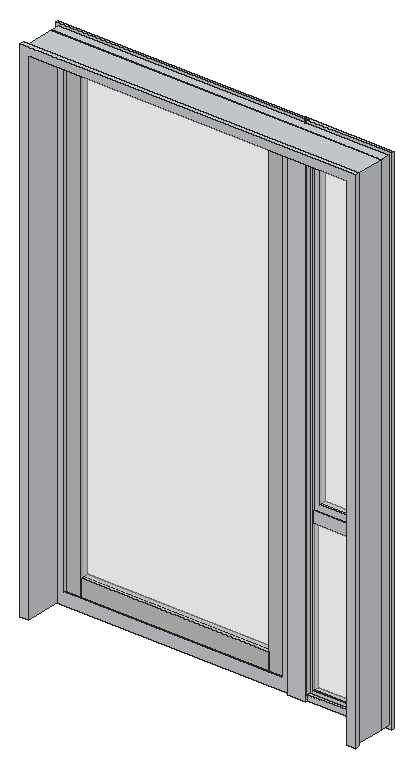
Revit family "APL Residential Thermal Heart Hinged Door with Sidelight", category Doors, host Wall, Revit 2017 (continued)
Definition of nested family "APL Residential Thermal Heart Hinged Door with Sidelight Vertical Section"
  Definition of nested family "Open Out Head&Sill"
    Definition of nested family "65310_Open Out Frame"
      Lines and regions (mm)
        model lines, in view "Ref. Level"
          curve 23: line (28.422, 7.861, 0) -> (29.345, 7.861, 0)
          curve 24: line (30.284, 7.203, 0) -> (31.077, 5.024, 0)
          curve 25: line (31.453, 4.761, 0) -> (37.947, 4.761, 0)
          curve 26: line (38.323, 5.024, 0) -> (39.116, 7.203, 0)
          curve 27: line (40.055, 7.861, 0) -> (40.978, 7.861, 0)
          curve 28: line (41.579, 8.022, 0) -> (43.107, 8.907, 0)
          curve 29: line (43.307, 8.961, 0) -> (43.6, 8.961, 0)
          curve 30: line (44, 8.561, 0) -> (44, 5.161, 0)
          curve 31: line (43.6, 4.761, 0) -> (43.307, 4.761, 0)
          curve 32: line (43.107, 4.815, 0) -> (41.579, 5.699, 0)
          curve 33: line (40.684, 5.664, 0) -> (39.796, 3.224, 0)
          curve 34: line (39.42, 2.961, 0) -> (29.98, 2.961, 0)
          curve 35: line (29.604, 3.224, 0) -> (28.716, 5.664, 0)
          curve 36: line (27.821, 5.699, 0) -> (26.293, 4.815, 0)
          curve 37: line (26.093, 4.761, 0) -> (25.8, 4.761, 0)
          curve 38: line (25.4, 5.161, 0) -> (25.4, 8.561, 0)
          curve 39: arc (50, 52.5, 0) -> (49.854, 52.854, 0) -> (49.5, 53, 0) r 0.5
          curve 40: arc (43.2, 53, 0) -> (43.059, 52.941, 0) -> (43, 52.8, 0) r 0.2
          curve 41: arc (43, 51.6, 0) -> (43.059, 51.459, 0) -> (43.2, 51.4, 0) r 0.2
          curve 42: arc (48.3, 51.4, 0) -> (48.441, 51.341, 0) -> (48.5, 51.2, 0) r 0.2
          curve 43: arc (48.5, 48.1, 0) -> (48.441, 47.959, 0) -> (48.3, 47.9, 0) r 0.2
          curve 44: arc (45, 48.65, 0) -> (44.846, 48.881, 0) -> (44.573, 48.827, 0) r 0.25
          curve 45: arc (43, 44.6, 0) -> (43.059, 44.459, 0) -> (43.2, 44.4, 0) r 0.2
          curve 46: arc (43.2, 44.4, 0) -> (43.766, 44.634, 0) -> (44, 45.2, 0) r 0.8
          curve 47: arc (46.4, 46, 0) -> (46.8, 45.6, 0) -> (47.2, 46, 0) r 0.4
          curve 48: arc (46.2, 33.5, 0) -> (46.054, 33.854, 0) -> (45.7, 34, 0) r 0.5
          curve 49: arc (44, 34, 0) -> (43.293, 33.707, 0) -> (43, 33, 0) r 1
          curve 50: arc (43, 32.9, 0) -> (43.088, 32.688, 0) -> (43.3, 32.6, 0) r 0.3
          curve 51: arc (44.858, 32.6, 0) -> (45.363, 31.878, 0) -> (46.2, 31.6, 0) r 1.4
          curve 52: arc (47.9, 31.6, 0) -> (48.041, 31.541, 0) -> (48.1, 31.4, 0) r 0.2
          curve 53: arc (48.1, 26.5, 0) -> (47.807, 25.793, 0) -> (47.1, 25.5, 0) r 1
          curve 54: arc (43.083, 25.5, 0) -> (42.778, 25.301, 0) -> (42.505, 25.543, 0) r 0.3
          curve 55: arc (42.505, 25.543, 0) -> (42.439, 25.681, 0) -> (42.313, 25.768, 0) r 0.3
          curve 56: arc (40.903, 26.282, 0) -> (40.617, 26.238, 0) -> (40.501, 25.974, 0) r 0.3
          curve 57: arc (40.708, 23.608, 0) -> (40.735, 23.508, 0) -> (40.795, 23.422, 0) r 0.3
          curve 58: arc (41.159, 23.059, 0) -> (41.352, 23.007, 0) -> (41.493, 23.148, 0) r 0.2
          curve 59: arc (41.538, 23.316, 0) -> (41.59, 23.405, 0) -> (41.679, 23.457, 0) r 0.2
          curve 60: arc (43.9, 24, 0) -> (44.18, 23.807, 0) -> (44.1, 23.476, 0) r 0.3
          curve 61: arc (44.1, 23.476, 0) -> (44.026, 23.375, 0) -> (44, 23.253, 0) r 0.3
          curve 62: arc (44.194, 19.25, 0) -> (44.158, 19.078, 0) -> (44, 19, 0) r 0.2
          curve 63: arc (43.479, 19, 0) -> (43.398, 19.011, 0) -> (43.323, 19.044, 0) r 0.3
          curve 64: arc (42.069, 19.809, 0) -> (42.072, 19.979, 0) -> (41.966, 20.111, 0) r 0.25
          curve 65: arc (41.88, 20.163, 0) -> (41.65, 20.179, 0) -> (41.505, 20, 0) r 0.25
          curve 66: arc (41.255, 20, 0) -> (41.114, 19.941, 0) -> (41.055, 19.8, 0) r 0.2
          curve 67: arc (41.055, 18.984, 0) -> (41.102, 18.772, 0) -> (41.235, 18.6, 0) r 0.5
          curve 68: arc (43.92, 16.362, 0) -> (44.053, 16.19, 0) -> (44.1, 15.978, 0) r 0.5
          curve 69: arc (44.1, 12.522, 0) -> (44.053, 12.31, 0) -> (43.92, 12.138, 0) r 0.5
          curve 70: arc (41.235, 9.9, 0) -> (41.102, 9.728, 0) -> (41.055, 9.516, 0) r 0.5
          curve 71: arc (41.055, 8.7, 0) -> (41.114, 8.559, 0) -> (41.255, 8.5, 0) r 0.2
          curve 72: arc (41.505, 8.5, 0) -> (41.65, 8.321, 0) -> (41.88, 8.337, 0) r 0.25
          curve 73: arc (41.966, 8.389, 0) -> (42.072, 8.521, 0) -> (42.069, 8.691, 0) r 0.25
          curve 74: arc (43.322, 9.456, 0) -> (43.398, 9.489, 0) -> (43.479, 9.5, 0) r 0.3
          curve 75: arc (44, 9.5, 0) -> (44.158, 9.422, 0) -> (44.194, 9.25, 0) r 0.2
          curve 76: arc (44, 5.247, 0) -> (44.026, 5.125, 0) -> (44.1, 5.024, 0) r 0.3
          curve 77: arc (44.1, 5.024, 0) -> (44.18, 4.693, 0) -> (43.9, 4.5, 0) r 0.3
          curve 78: arc (41.679, 5.043, 0) -> (41.59, 5.095, 0) -> (41.538, 5.184, 0) r 0.2
          curve 79: arc (41.493, 5.352, 0) -> (41.352, 5.493, 0) -> (41.159, 5.441, 0) r 0.2
          curve 80: arc (40.795, 5.078, 0) -> (40.735, 4.992, 0) -> (40.708, 4.892, 0) r 0.3
          curve 81: arc (40.501, 2.526, 0) -> (40.617, 2.262, 0) -> (40.903, 2.218, 0) r 0.3
          curve 82: arc (42.313, 2.732, 0) -> (42.439, 2.819, 0) -> (42.505, 2.957, 0) r 0.3
          curve 83: arc (42.505, 2.957, 0) -> (42.778, 3.199, 0) -> (43.083, 3, 0) r 0.3
          curve 84: arc (44.4, 3, 0) -> (44.541, 2.941, 0) -> (44.6, 2.8, 0) r 0.2
          curve 85: arc (44.6, 1.3, 0) -> (44.981, 0.381, 0) -> (45.9, 0, 0) r 1.3
          curve 86: arc (55.35, 0, 0) -> (56, 0.65, 0) -> (55.35, 1.3, 0) r 0.65
          curve 87: arc (46, 23.1, 0) -> (46.146, 23.454, 0) -> (46.5, 23.6, 0) r 0.5
          curve 88: arc (48.1, 23.6, 0) -> (48.454, 23.454, 0) -> (48.6, 23.1, 0) r 0.5
          curve 89: arc (48.6, 21.2, 0) -> (48.746, 20.846, 0) -> (49.1, 20.7, 0) r 0.5
          curve 90: arc (49.5, 20.7, 0) -> (49.854, 20.846, 0) -> (50, 21.2, 0) r 0.5
          curve 91: line (49.5, 53, 0) -> (43.2, 53, 0)
          curve 92: line (43, 52.8, 0) -> (43, 51.6, 0)
          curve 93: line (43.2, 51.4, 0) -> (48.3, 51.4, 0)
          curve 94: line (48.5, 51.2, 0) -> (48.5, 48.1, 0)
          curve 95: line (48.3, 47.9, 0) -> (45, 47.9, 0)
          curve 96: line (45, 47.9, 0) -> (45, 48.65, 0)
          curve 97: line (44.573, 48.827, 0) -> (43.059, 47.312, 0)
          curve 98: line (43.059, 47.312, 0) -> (43, 44.6, 0)
          curve 99: line (44, 45.2, 0) -> (44, 46.5, 0)
          curve 100: line (44, 46.5, 0) -> (46.4, 46.5, 0)
          curve 101: line (46.4, 46.5, 0) -> (46.4, 46, 0)
          curve 102: line (47.2, 46, 0) -> (47.2, 46.5, 0)
          curve 103: line (47.2, 46.5, 0) -> (48.5, 46.5, 0)
          curve 104: line (48.5, 46.5, 0) -> (48.5, 33, 0)
          curve 105: line (48.5, 33, 0) -> (46.2, 33, 0)
          curve 106: line (46.2, 33, 0) -> (46.2, 33.5, 0)
          curve 107: line (45.7, 34, 0) -> (44, 34, 0)
          curve 108: line (43.3, 32.6, 0) -> (44.858, 32.6, 0)
          curve 109: line (46.2, 31.6, 0) -> (47.9, 31.6, 0)
          curve 110: line (48.1, 31.4, 0) -> (48.1, 26.5, 0)
          curve 111: line (47.1, 25.5, 0) -> (43.083, 25.5, 0)
          curve 112: line (42.313, 25.768, 0) -> (40.903, 26.282, 0)
          curve 113: line (40.501, 25.974, 0) -> (40.708, 23.608, 0)
          curve 114: line (40.795, 23.422, 0) -> (41.159, 23.059, 0)
          curve 115: line (41.493, 23.148, 0) -> (41.538, 23.316, 0)
          curve 116: line (41.538, 23.316, 0) -> (43.668, 23.99, 0)
          curve 117: line (43.668, 23.99, 0) -> (43.9, 24, 0)
          curve 118: line (44, 23.253, 0) -> (44, 20.025, 0)
          curve 119: line (44, 20.025, 0) -> (44.194, 19.25, 0)
          curve 120: line (44, 19, 0) -> (43.479, 19, 0)
          curve 121: line (43.479, 19, 0) -> (42.069, 19.809, 0)
          curve 122: line (41.505, 20, 0) -> (41.255, 20, 0)
          curve 123: line (41.055, 19.8, 0) -> (41.055, 18.984, 0)
          curve 124: line (41.235, 18.6, 0) -> (43.92, 16.362, 0)
          curve 125: line (44.1, 15.978, 0) -> (44.1, 12.522, 0)
          curve 126: line (43.92, 12.138, 0) -> (41.235, 9.9, 0)
          curve 127: line (41.055, 9.516, 0) -> (41.055, 8.7, 0)
          curve 128: line (41.255, 8.5, 0) -> (41.505, 8.5, 0)
          curve 129: line (42.069, 8.691, 0) -> (43.322, 9.456, 0)
          curve 130: line (43.322, 9.456, 0) -> (44, 9.5, 0)
          curve 131: line (44.194, 9.25, 0) -> (44.006, 8.525, 0)
          curve 132: line (44.006, 8.525, 0) -> (44, 5.247, 0)
          curve 133: line (43.746, 4.5, 0) -> (41.679, 5.043, 0)
          curve 134: line (41.679, 5.043, 0) -> (41.493, 5.352, 0)
          curve 135: line (41.159, 5.441, 0) -> (40.795, 5.078, 0)
          curve 136: line (40.708, 4.892, 0) -> (40.501, 2.526, 0)
          curve 137: line (40.903, 2.218, 0) -> (42.313, 2.732, 0)
          curve 138: line (43.083, 3, 0) -> (44.4, 3, 0)
          curve 139: line (44.6, 2.8, 0) -> (44.6, 1.3, 0)
          curve 140: line (45.9, 0, 0) -> (47.7, 0, 0)
          curve 141: line (47.7, 0, 0) -> (48, 0.3, 0)
          curve 142: line (48, 0.3, 0) -> (53.25, 0.3, 0)
          curve 143: line (53.25, 0.3, 0) -> (53.55, 0, 0)
          curve 144: line (53.55, 0, 0) -> (55.35, 0, 0)
          curve 145: line (55.35, 1.3, 0) -> (46, 1.3, 0)
          curve 146: line (46, 1.3, 0) -> (46, 23.1, 0)
          curve 147: line (46.5, 23.6, 0) -> (48.1, 23.6, 0)
          curve 148: line (48.6, 23.1, 0) -> (48.6, 21.2, 0)
          curve 149: line (49.1, 20.7, 0) -> (49.5, 20.7, 0)
          curve 150: line (50, 21.2, 0) -> (50, 52.5, 0)
          curve 151: arc (-4.1, 23.1, 0) -> (-4.241, 23.159, 0) -> (-4.3, 23.3, 0) r 0.2
          curve 152: arc (-4.3, 23.9, 0) -> (-4.359, 24.041, 0) -> (-4.5, 24.1, 0) r 0.2
          curve 153: arc (-4.875, 24.1, 0) -> (-5.496, 24.182, 0) -> (-6.075, 24.422, 0) r 2.4
          curve 154: arc (-13.9, 27.9, 0) -> (-14.041, 27.841, 0) -> (-14.1, 27.7, 0) r 0.2
          curve 155: arc (-14.1, -0.131, 0) -> (-13.951, -0.808, 0) -> (-13.528, -1.359, 0) r 1.6
          curve 156: arc (-7.044, -6.8, 0) -> (-6.701, -6.916, 0) -> (-6.369, -6.77, 0) r 0.5
          curve 157: arc (-1.693, -2.094, 0) -> (-1.476, -1.769, 0) -> (-1.4, -1.386, 0) r 1
          curve 158: arc (-1.4, 3.2, 0) -> (-0.844, 4.544, 0) -> (0.5, 5.1, 0) r 1.9
          curve 159: arc (23.3, 5.1, 0) -> (23.441, 5.159, 0) -> (23.5, 5.3, 0) r 0.2
          curve 160: arc (23.5, 16.1, 0) -> (23.441, 16.241, 0) -> (23.3, 16.3, 0) r 0.2
          curve 161: arc (18.3, 16.3, 0) -> (18.159, 16.359, 0) -> (18.1, 16.5, 0) r 0.2
          curve 162: arc (18.1, 17.7, 0) -> (18.159, 17.841, 0) -> (18.3, 17.9, 0) r 0.2
          curve 163: arc (23.3, 17.9, 0) -> (23.441, 17.959, 0) -> (23.5, 18.1, 0) r 0.2
          curve 164: arc (23.5, 23.9, 0) -> (23.441, 24.041, 0) -> (23.3, 24.1, 0) r 0.2
          curve 165: arc (16.301, 24.1, 0) -> (16.159, 24.042, 0) -> (16.1, 23.9, 0) r 0.2
          curve 166: arc (16.1, 23.3, 0) -> (16.041, 23.159, 0) -> (15.9, 23.1, 0) r 0.2
          curve 167: arc (11.3, 23.1, 0) -> (11.159, 23.159, 0) -> (11.1, 23.3, 0) r 0.2
          curve 168: arc (11.1, 23.9, 0) -> (11.041, 24.041, 0) -> (10.9, 24.1, 0) r 0.2
          curve 169: arc (2.7, 24.1, 0) -> (2.559, 24.041, 0) -> (2.5, 23.9, 0) r 0.2
          curve 170: arc (2.5, 16.5, 0) -> (2.441, 16.359, 0) -> (2.3, 16.3, 0) r 0.2
          curve 171: arc (1.3, 16.3, 0) -> (1.159, 16.359, 0) -> (1.1, 16.5, 0) r 0.2
          curve 172: arc (1.1, 22.9, 0) -> (1.041, 23.041, 0) -> (0.9, 23.1, 0) r 0.2
          curve 173: arc (26.317, 25.5, 0) -> (26.622, 25.301, 0) -> (26.895, 25.543, 0) r 0.3
          curve 174: arc (26.895, 25.543, 0) -> (26.961, 25.681, 0) -> (27.087, 25.768, 0) r 0.3
          curve 175: arc (28.497, 26.282, 0) -> (28.783, 26.238, 0) -> (28.899, 25.974, 0) r 0.3
          curve 176: arc (28.692, 23.608, 0) -> (28.665, 23.508, 0) -> (28.605, 23.422, 0) r 0.3
          curve 177: arc (28.241, 23.059, 0) -> (28.048, 23.007, 0) -> (27.907, 23.148, 0) r 0.2
          curve 178: arc (27.862, 23.316, 0) -> (27.81, 23.405, 0) -> (27.721, 23.457, 0) r 0.2
          curve 179: arc (25.5, 24, 0) -> (25.22, 23.807, 0) -> (25.3, 23.476, 0) r 0.3
          curve 180: arc (25.3, 23.476, 0) -> (25.374, 23.375, 0) -> (25.4, 23.253, 0) r 0.3
          curve 181: arc (25.206, 19.25, 0) -> (25.242, 19.078, 0) -> (25.4, 19, 0) r 0.2
          curve 182: arc (25.921, 19, 0) -> (26.002, 19.011, 0) -> (26.077, 19.044, 0) r 0.3
          curve 183: arc (27.331, 19.809, 0) -> (27.328, 19.979, 0) -> (27.434, 20.111, 0) r 0.25
          curve 184: arc (27.52, 20.163, 0) -> (27.75, 20.179, 0) -> (27.895, 20, 0) r 0.25
          curve 185: arc (28.145, 20, 0) -> (28.286, 19.941, 0) -> (28.345, 19.8, 0) r 0.2
          curve 186: arc (28.345, 18.984, 0) -> (28.298, 18.772, 0) -> (28.165, 18.6, 0) r 0.5
          curve 187: arc (25.58, 16.446, 0) -> (25.447, 16.274, 0) -> (25.4, 16.062, 0) r 0.5
          curve 188: arc (25.4, 12.438, 0) -> (25.447, 12.226, 0) -> (25.58, 12.054, 0) r 0.5
          curve 189: arc (28.165, 9.9, 0) -> (28.298, 9.728, 0) -> (28.345, 9.516, 0) r 0.5
          curve 190: arc (28.345, 8.7, 0) -> (28.286, 8.559, 0) -> (28.145, 8.5, 0) r 0.2
          curve 191: arc (27.895, 8.5, 0) -> (27.75, 8.321, 0) -> (27.52, 8.337, 0) r 0.25
          curve 192: arc (27.434, 8.389, 0) -> (27.328, 8.521, 0) -> (27.331, 8.691, 0) r 0.25
          curve 193: arc (26.078, 9.456, 0) -> (26.002, 9.489, 0) -> (25.921, 9.5, 0) r 0.3
          curve 194: arc (25.4, 9.5, 0) -> (25.242, 9.422, 0) -> (25.206, 9.25, 0) r 0.2
          curve 195: arc (25.4, 5.247, 0) -> (25.374, 5.125, 0) -> (25.3, 5.024, 0) r 0.3
          curve 196: arc (25.3, 5.024, 0) -> (25.22, 4.693, 0) -> (25.5, 4.5, 0) r 0.3
          curve 197: arc (27.721, 5.043, 0) -> (27.81, 5.095, 0) -> (27.862, 5.184, 0) r 0.2
          curve 198: arc (27.907, 5.352, 0) -> (28.048, 5.493, 0) -> (28.241, 5.441, 0) r 0.2
          curve 199: arc (28.605, 5.078, 0) -> (28.665, 4.992, 0) -> (28.692, 4.892, 0) r 0.3
          curve 200: arc (28.899, 2.526, 0) -> (28.783, 2.262, 0) -> (28.497, 2.218, 0) r 0.3
          curve 201: arc (27.087, 2.732, 0) -> (26.961, 2.819, 0) -> (26.895, 2.957, 0) r 0.3
          curve 202: arc (26.895, 2.957, 0) -> (26.622, 3.199, 0) -> (26.317, 3, 0) r 0.3
          curve 203: arc (24, 3, 0) -> (23.704, 3.097, 0) -> (23.523, 3.35, 0) r 0.5
          curve 204: arc (23.523, 3.35, 0) -> (23.342, 3.603, 0) -> (23.046, 3.7, 0) r 0.5
          curve 205: arc (0.5, 3.7, 0) -> (0.146, 3.554, 0) -> (0, 3.2, 0) r 0.5
          curve 206: arc (0, -1.801, 0) -> (-0.107, -2.336, 0) -> (-0.41, -2.791, 0) r 1.4
          curve 207: arc (-5.407, -7.787, 0) -> (-5.624, -8.112, 0) -> (-5.7, -8.495, 0) r 1
          curve 208: arc (-5.7, -14.159, 0) -> (-5.623, -14.316, 0) -> (-5.452, -14.353, 0) r 0.2
          curve 209: arc (-5.452, -14.353, 0) -> (-4.643, -14.677, 0) -> (-4.687, -15.548, 0) r 0.75
          curve 210: arc (-4.687, -15.548, 0) -> (-5.025, -16.505, 0) -> (-4.687, -17.462, 0) r 1.525
          curve 211: arc (-4.687, -17.462, 0) -> (-4.594, -17.613, 0) -> (-4.539, -17.781, 0) r 0.75
          curve 212: arc (-4.539, -17.781, 0) -> (-4.442, -17.992, 0) -> (-4.26, -18.136, 0) r 0.5
          curve 213: arc (-4.26, -18.136, 0) -> (-3.5, -18.305, 0) -> (-2.74, -18.137, 0) r 1.8
          curve 214: arc (-2.74, -18.137, 0) -> (-2.558, -17.992, 0) -> (-2.461, -17.78, 0) r 0.5
          curve 215: arc (-2.461, -17.78, 0) -> (-2.406, -17.612, 0) -> (-2.312, -17.461, 0) r 0.737
          curve 216: arc (-2.312, -17.461, 0) -> (-1.975, -16.505, 0) -> (-2.312, -15.549, 0) r 1.525
          curve 217: arc (-2.312, -15.549, 0) -> (-2.2, -14.512, 0) -> (-1.163, -14.624, 0) r 0.737
          curve 218: arc (-1.163, -14.624, 0) -> (-0.507, -16.296, 0) -> (-0.924, -18.044, 0) r 3
          curve 219: arc (-0.924, -18.044, 0) -> (-0.93, -18.547, 0) -> (-0.495, -18.8, 0) r 0.5
          curve 220: arc (-0.2, -18.8, 0) -> (-0.059, -18.859, 0) -> (0, -19, 0) r 0.2
          curve 221: arc (0, -19.8, 0) -> (-0.059, -19.941, 0) -> (-0.2, -20, 0) r 0.2
          curve 222: arc (-6, -20, 0) -> (-6.707, -19.707, 0) -> (-7, -19, 0) r 1
          curve 223: arc (-7, -10.063, 0) -> (-7.281, -8.795, 0) -> (-8.072, -7.765, 0) r 3
          curve 224: arc (-14.428, -2.431, 0) -> (-15.219, -1.401, 0) -> (-15.5, -0.133, 0) r 3
          curve 225: arc (-15.5, 33, 0) -> (-15.207, 33.707, 0) -> (-14.5, 34, 0) r 1
          curve 226: arc (-12.1, 34, 0) -> (-11.393, 33.707, 0) -> (-11.1, 33, 0) r 1
          curve 227: arc (-11.1, 32.9, 0) -> (-11.188, 32.688, 0) -> (-11.4, 32.6, 0) r 0.3
          curve 228: arc (-12.1, 29.3, 0) -> (-11.738, 29.252, 0) -> (-11.4, 29.112, 0) r 1.4
          curve 229: arc (-5.375, 25.634, 0) -> (-5.134, 25.534, 0) -> (-4.875, 25.5, 0) r 1
          curve 230: line (0.9, 23.1, 0) -> (-4.1, 23.1, 0)
          curve 231: line (-4.3, 23.3, 0) -> (-4.3, 23.9, 0)
          curve 232: line (-4.5, 24.1, 0) -> (-4.875, 24.1, 0)
          curve 233: line (-6.075, 24.422, 0) -> (-12.054, 27.873, 0)
          curve 234: line (-12.054, 27.873, 0) -> (-13.9, 27.9, 0)
          curve 235: line (-14.1, 27.7, 0) -> (-14.1, -0.131, 0)
          curve 236: line (-13.528, -1.359, 0) -> (-7.044, -6.8, 0)
          curve 237: line (-6.369, -6.77, 0) -> (-1.693, -2.094, 0)
          curve 238: line (-1.4, -1.386, 0) -> (-1.4, 3.2, 0)
          curve 239: line (0.5, 5.1, 0) -> (23.3, 5.1, 0)
          curve 240: line (23.5, 5.3, 0) -> (23.5, 16.1, 0)
          curve 241: line (23.3, 16.3, 0) -> (18.3, 16.3, 0)
          curve 242: line (18.1, 16.5, 0) -> (18.1, 17.7, 0)
          curve 243: line (18.3, 17.9, 0) -> (23.3, 17.9, 0)
          curve 244: line (23.5, 18.1, 0) -> (23.5, 23.9, 0)
          curve 245: line (23.3, 24.1, 0) -> (16.301, 24.1, 0)
          curve 246: line (16.1, 23.9, 0) -> (16.1, 23.3, 0)
          curve 247: line (15.9, 23.1, 0) -> (11.3, 23.1, 0)
          curve 248: line (11.1, 23.3, 0) -> (11.1, 23.9, 0)
          curve 249: line (10.9, 24.1, 0) -> (2.7, 24.1, 0)
          curve 250: line (2.5, 23.9, 0) -> (2.5, 16.5, 0)
          curve 251: line (2.3, 16.3, 0) -> (1.3, 16.3, 0)
          curve 252: line (1.1, 16.5, 0) -> (1.1, 22.9, 0)
          curve 253: line (27.087, 25.768, 0) -> (28.497, 26.282, 0)
          curve 254: line (28.899, 25.974, 0) -> (28.692, 23.608, 0)
          curve 255: line (28.605, 23.422, 0) -> (28.241, 23.059, 0)
          curve 256: line (27.907, 23.148, 0) -> (27.862, 23.316, 0)
          curve 257: line (27.862, 23.316, 0) -> (25.732, 23.99, 0)
          curve 258: line (25.732, 23.99, 0) -> (25.5, 24, 0)
          curve 259: line (25.4, 23.253, 0) -> (25.4, 20.025, 0)
          curve 260: line (25.4, 20.025, 0) -> (25.206, 19.25, 0)
          curve 261: line (25.4, 19, 0) -> (25.921, 19, 0)
          curve 262: line (25.921, 19, 0) -> (27.331, 19.809, 0)
          curve 263: line (27.895, 20, 0) -> (28.145, 20, 0)
          curve 264: line (28.345, 19.8, 0) -> (28.345, 18.984, 0)
          curve 265: line (28.165, 18.6, 0) -> (25.58, 16.446, 0)
          curve 266: line (25.4, 16.062, 0) -> (25.4, 12.438, 0)
          curve 267: line (25.58, 12.054, 0) -> (28.165, 9.9, 0)
          curve 268: line (28.345, 9.516, 0) -> (28.345, 8.7, 0)
          curve 269: line (28.145, 8.5, 0) -> (27.895, 8.5, 0)
          curve 270: line (27.331, 8.691, 0) -> (26.078, 9.456, 0)
          curve 271: line (26.078, 9.456, 0) -> (25.4, 9.5, 0)
          curve 272: line (25.206, 9.25, 0) -> (25.394, 8.525, 0)
          curve 273: line (25.394, 8.525, 0) -> (25.4, 5.247, 0)
          curve 274: line (25.654, 4.5, 0) -> (27.721, 5.043, 0)
          curve 275: line (27.721, 5.043, 0) -> (27.907, 5.352, 0)
          curve 276: line (28.241, 5.441, 0) -> (28.605, 5.078, 0)
          curve 277: line (28.692, 4.892, 0) -> (28.899, 2.526, 0)
          curve 278: line (28.497, 2.218, 0) -> (27.087, 2.732, 0)
          curve 279: line (26.317, 3, 0) -> (24, 3, 0)
          curve 280: line (23.046, 3.7, 0) -> (17.783, 3.7, 0)
          curve 281: line (17.783, 3.7, 0) -> (17.559, 3.559, 0)
          curve 282: line (17.559, 3.559, 0) -> (12.4, 3.5, 0)
          curve 283: line (12.4, 3.5, 0) -> (12, 3.9, 0)
          curve 284: line (12, 3.9, 0) -> (11.6, 3.5, 0)
          curve 285: line (11.6, 3.5, 0) -> (6.583, 3.5, 0)
          curve 286: line (6.583, 3.5, 0) -> (6.359, 3.641, 0)
          curve 287: line (6.359, 3.641, 0) -> (0.5, 3.7, 0)
          curve 288: line (0, 3.2, 0) -> (0, -1.801, 0)
          curve 289: line (-0.41, -2.791, 0) -> (-5.407, -7.787, 0)
          curve 290: line (-5.7, -8.495, 0) -> (-5.7, -14.159, 0)
          curve 291: line (-0.495, -18.8, 0) -> (-0.2, -18.8, 0)
          curve 292: line (0, -19, 0) -> (0, -19.8, 0)
          curve 293: line (-0.2, -20, 0) -> (-6, -20, 0)
          curve 294: line (-7, -19, 0) -> (-7, -10.063, 0)
          curve 295: line (-8.072, -7.765, 0) -> (-14.428, -2.431, 0)
          curve 296: line (-15.5, -0.133, 0) -> (-15.5, 33, 0)
          curve 297: line (-14.5, 34, 0) -> (-12.1, 34, 0)
          curve 298: line (-11.4, 32.6, 0) -> (-14.1, 32.6, 0)
          curve 299: line (-14.1, 32.6, 0) -> (-14.1, 29.3, 0)
          curve 300: line (-14.1, 29.3, 0) -> (-12.1, 29.3, 0)
          curve 301: line (-11.4, 29.112, 0) -> (-5.375, 25.634, 0)
          curve 302: line (-4.875, 25.5, 0) -> (-2, 25.5, 0)
          curve 303: line (-2, 25.5, 0) -> (-1.6, 25.1, 0)
          curve 304: line (-1.6, 25.1, 0) -> (-1.2, 25.5, 0)
          curve 305: line (-1.2, 25.5, 0) -> (4.1, 25.5, 0)
          curve 306: line (4.1, 25.5, 0) -> (4.5, 25.1, 0)
          curve 307: line (4.5, 25.1, 0) -> (4.9, 25.5, 0)
          curve 308: line (4.9, 25.5, 0) -> (26.317, 25.5, 0)
          curve 309: arc (25.4, 19.939, 0) -> (25.517, 19.656, 0) -> (25.8, 19.539, 0) r 0.4
          curve 310: arc (26.093, 19.539, 0) -> (26.196, 19.553, 0) -> (26.293, 19.593, 0) r 0.4
          curve 311: arc (27.821, 20.478, 0) -> (28.111, 20.598, 0) -> (28.422, 20.639, 0) r 1.2
          curve 312: arc (29.345, 20.639, 0) -> (29.918, 20.82, 0) -> (30.284, 21.297, 0) r 1
          curve 313: arc (31.077, 23.476, 0) -> (31.224, 23.667, 0) -> (31.453, 23.739, 0) r 0.4
          curve 314: arc (37.947, 23.739, 0) -> (38.176, 23.667, 0) -> (38.323, 23.476, 0) r 0.4
          curve 315: arc (39.116, 21.297, 0) -> (39.482, 20.82, 0) -> (40.055, 20.639, 0) r 1
          curve 316: arc (40.978, 20.639, 0) -> (41.289, 20.598, 0) -> (41.579, 20.478, 0) r 1.2
          curve 317: arc (43.107, 19.593, 0) -> (43.204, 19.553, 0) -> (43.307, 19.539, 0) r 0.4
          curve 318: arc (43.6, 19.539, 0) -> (43.883, 19.656, 0) -> (44, 19.939, 0) r 0.4
          curve 319: arc (44, 23.339, 0) -> (43.883, 23.622, 0) -> (43.6, 23.739, 0) r 0.4
          curve 320: arc (43.307, 23.739, 0) -> (43.204, 23.725, 0) -> (43.107, 23.685, 0) r 0.4
          curve 321: arc (41.579, 22.801, 0) -> (41.285, 22.679, 0) -> (40.97, 22.639, 0) r 1.2
          curve 322: arc (40.97, 22.639, 0) -> (40.795, 22.692, 0) -> (40.684, 22.836, 0) r 0.3
          curve 323: arc (39.796, 25.276, 0) -> (39.649, 25.467, 0) -> (39.42, 25.539, 0) r 0.4
          curve 324: arc (29.98, 25.539, 0) -> (29.751, 25.467, 0) -> (29.604, 25.276, 0) r 0.4
          curve 325: arc (28.716, 22.836, 0) -> (28.605, 22.692, 0) -> (28.43, 22.639, 0) r 0.3
          curve 326: arc (28.43, 22.639, 0) -> (28.115, 22.679, 0) -> (27.821, 22.801, 0) r 1.2
          curve 327: arc (26.293, 23.685, 0) -> (26.196, 23.725, 0) -> (26.093, 23.739, 0) r 0.4
          curve 328: arc (25.8, 23.739, 0) -> (25.517, 23.622, 0) -> (25.4, 23.339, 0) r 0.4
          curve 329: line (25.8, 19.539, 0) -> (26.093, 19.539, 0)
          curve 330: line (26.293, 19.593, 0) -> (27.821, 20.478, 0)
          curve 331: line (28.422, 20.639, 0) -> (29.345, 20.639, 0)
          curve 332: line (30.284, 21.297, 0) -> (31.077, 23.476, 0)
          curve 333: line (31.453, 23.739, 0) -> (37.947, 23.739, 0)
          curve 334: line (38.323, 23.476, 0) -> (39.116, 21.297, 0)
          curve 335: line (40.055, 20.639, 0) -> (40.978, 20.639, 0)
          curve 336: line (41.579, 20.478, 0) -> (43.107, 19.593, 0)
          curve 337: line (43.307, 19.539, 0) -> (43.6, 19.539, 0)
          curve 338: line (44, 19.939, 0) -> (44, 23.339, 0)
          curve 339: line (43.6, 23.739, 0) -> (43.307, 23.739, 0)
          curve 340: line (43.107, 23.685, 0) -> (41.579, 22.801, 0)
          curve 341: line (40.684, 22.836, 0) -> (39.796, 25.276, 0)
          curve 342: line (39.42, 25.539, 0) -> (29.98, 25.539, 0)
          curve 343: line (29.604, 25.276, 0) -> (28.716, 22.836, 0)
          curve 344: line (27.821, 22.801, 0) -> (26.293, 23.685, 0)
          curve 345: line (26.093, 23.739, 0) -> (25.8, 23.739, 0)
          curve 346: line (25.4, 23.339, 0) -> (25.4, 19.939, 0)
      Text (mm)
        text "65310" at (6.108, 51.612, 0), in view "Ref. Level"
    Definition of nested family "65200_Rail"
      Reference planes
        plane 1 "Center (Front/Back)": y = 0
        plane 2: z = 0
        plane 3 "Center (Left/Right)": x = 0
      Lines and regions (mm)
        model lines, in view "Ref. Level"
          curve 1: arc (21.508, 72.285, 0) -> (21.289, 71.405, 0) -> (21.948, 70.781, 0) r 0.9
          curve 2: arc (21.948, 70.781, 0) -> (22.059, 70.711, 0) -> (22.103, 70.587, 0) r 0.2
          curve 3: arc (22.103, 69.98, 0) -> (22.249, 69.626, 0) -> (22.603, 69.48, 0) r 0.5
          curve 4: arc (26.4, 69.48, 0) -> (26.754, 69.626, 0) -> (26.9, 69.98, 0) r 0.5
          curve 5: arc (26.9, 72.45, 0) -> (26.772, 72.668, 0) -> (26.519, 72.663, 0) r 0.25
          curve 6: arc (26.434, 72.611, 0) -> (26.328, 72.479, 0) -> (26.331, 72.309, 0) r 0.25
          curve 7: arc (25.077, 71.544, 0) -> (25.002, 71.511, 0) -> (24.921, 71.5, 0) r 0.3
          curve 8: arc (24.4, 71.5, 0) -> (24.242, 71.578, 0) -> (24.206, 71.75, 0) r 0.2
          curve 9: arc (24.4, 75.753, 0) -> (24.374, 75.875, 0) -> (24.3, 75.976, 0) r 0.3
          curve 10: arc (24.3, 75.976, 0) -> (24.22, 76.307, 0) -> (24.5, 76.5, 0) r 0.3
          curve 11: arc (26.721, 75.957, 0) -> (26.81, 75.905, 0) -> (26.862, 75.816, 0) r 0.2
          curve 12: arc (26.907, 75.648, 0) -> (27.048, 75.507, 0) -> (27.241, 75.559, 0) r 0.2
          curve 13: arc (27.605, 75.922, 0) -> (27.665, 76.008, 0) -> (27.692, 76.108, 0) r 0.3
          curve 14: arc (27.899, 78.474, 0) -> (27.783, 78.738, 0) -> (27.497, 78.782, 0) r 0.3
          curve 15: arc (26.087, 78.268, 0) -> (25.961, 78.181, 0) -> (25.895, 78.043, 0) r 0.3
          curve 16: arc (25.895, 78.043, 0) -> (25.622, 77.801, 0) -> (25.317, 78, 0) r 0.3
          curve 17: arc (9.5, 78, 0) -> (9.359, 77.941, 0) -> (9.3, 77.8, 0) r 0.2
          curve 18: arc (9.3, 77.5, 0) -> (9.38, 77.2, 0) -> (9.6, 76.98, 0) r 0.6
          curve 19: arc (10.7, 76.345, 0) -> (10.773, 76.272, 0) -> (10.8, 76.172, 0) r 0.2
          curve 20: arc (10.8, 72.08, 0) -> (10.507, 71.373, 0) -> (9.8, 71.08, 0) r 1
          curve 21: arc (2.42, 71.08, 0) -> (1.721, 71.366, 0) -> (1.421, 72.06, 0) r 1
          curve 22: arc (1.322, 76.935, 0) -> (1.357, 77.052, 0) -> (1.453, 77.127, 0) r 0.2
          curve 23: arc (1.453, 77.127, 0) -> (1.621, 77.234, 0) -> (1.725, 77.403, 0) r 0.45
          curve 24: arc (1.725, 77.403, 0) -> (1.729, 77.522, 0) -> (1.665, 77.621, 0) r 0.2
          curve 25: arc (0.2, 78, 0) -> (0.059, 77.941, 0) -> (0, 77.8, 0) r 0.2
          curve 26: arc (0, 0.501, 0) -> (0.146, 0.147, 0) -> (0.5, 0, 0) r 0.5
          curve 27: arc (1, 0, 0) -> (1.354, 0.146, 0) -> (1.5, 0.5, 0) r 0.5
          curve 28: arc (1.5, 10.66, 0) -> (1.559, 10.801, 0) -> (1.7, 10.86, 0) r 0.2
          curve 29: arc (31.317, 10.86, 0) -> (31.622, 11.059, 0) -> (31.895, 10.817, 0) r 0.3
          curve 30: arc (31.895, 10.817, 0) -> (31.961, 10.679, 0) -> (32.087, 10.592, 0) r 0.3
          curve 31: arc (33.497, 10.078, 0) -> (33.783, 10.122, 0) -> (33.899, 10.386, 0) r 0.3
          curve 32: arc (33.692, 12.752, 0) -> (33.665, 12.852, 0) -> (33.605, 12.938, 0) r 0.3
          curve 33: arc (33.241, 13.301, 0) -> (33.048, 13.353, 0) -> (32.907, 13.212, 0) r 0.2
          curve 34: arc (32.862, 13.044, 0) -> (32.81, 12.955, 0) -> (32.721, 12.903, 0) r 0.2
          curve 35: arc (30.5, 12.36, 0) -> (30.22, 12.553, 0) -> (30.3, 12.884, 0) r 0.3
          curve 36: arc (30.3, 12.884, 0) -> (30.374, 12.985, 0) -> (30.4, 13.107, 0) r 0.3
          curve 37: arc (30.206, 17.11, 0) -> (30.242, 17.282, 0) -> (30.4, 17.36, 0) r 0.2
          curve 38: arc (30.921, 17.36, 0) -> (31.002, 17.349, 0) -> (31.077, 17.316, 0) r 0.3
          curve 39: arc (32.331, 16.551, 0) -> (32.328, 16.381, 0) -> (32.434, 16.249, 0) r 0.25
          curve 40: arc (32.519, 16.197, 0) -> (32.772, 16.192, 0) -> (32.9, 16.41, 0) r 0.25
          curve 41: arc (32.9, 18.88, 0) -> (32.754, 19.234, 0) -> (32.4, 19.38, 0) r 0.5
          curve 42: arc (29, 19.38, 0) -> (28.646, 19.234, 0) -> (28.5, 18.88, 0) r 0.5
          curve 43: arc (28.5, 12.96, 0) -> (28.354, 12.606, 0) -> (28, 12.46, 0) r 0.5
          curve 44: arc (23.847, 12.46, 0) -> (23.416, 12.707, 0) -> (23.41, 13.203, 0) r 0.5
          curve 45: arc (23.41, 13.203, 0) -> (23.869, 15.613, 0) -> (22.798, 17.82, 0) r 3.9
          curve 46: arc (22.798, 17.82, 0) -> (21.525, 17.837, 0) -> (21.508, 16.565, 0) r 0.9
          curve 47: arc (21.508, 16.565, 0) -> (22.103, 15.1, 0) -> (21.508, 13.635, 0) r 2.1
          curve 48: arc (21.508, 13.635, 0) -> (21.382, 13.473, 0) -> (21.297, 13.286, 0) r 0.9
          curve 49: arc (21.297, 13.286, 0) -> (21.199, 13.114, 0) -> (21.043, 12.993, 0) r 0.5
          curve 50: arc (21.043, 12.993, 0) -> (20.003, 12.75, 0) -> (18.962, 12.993, 0) r 2.35
          curve 51: arc (18.962, 12.993, 0) -> (18.806, 13.114, 0) -> (18.708, 13.286, 0) r 0.5
          curve 52: arc (18.708, 13.286, 0) -> (18.623, 13.473, 0) -> (18.498, 13.635, 0) r 0.9
          curve 53: arc (18.498, 13.635, 0) -> (17.903, 15.1, 0) -> (18.498, 16.565, 0) r 2.1
          curve 54: arc (18.498, 16.565, 0) -> (18.48, 17.837, 0) -> (17.208, 17.82, 0) r 0.9
          curve 55: arc (17.208, 17.82, 0) -> (16.136, 15.613, 0) -> (16.595, 13.203, 0) r 3.9
          curve 56: arc (16.595, 13.203, 0) -> (16.589, 12.707, 0) -> (16.158, 12.46, 0) r 0.5
          curve 57: arc (2.1, 12.46, 0) -> (1.746, 12.606, 0) -> (1.6, 12.96, 0) r 0.5
          curve 58: arc (1.6, 68.98, 0) -> (1.746, 69.334, 0) -> (2.1, 69.48, 0) r 0.5
          curve 59: arc (9.8, 69.48, 0) -> (11.638, 70.242, 0) -> (12.4, 72.08, 0) r 2.6
          curve 60: arc (12.4, 75.9, 0) -> (12.546, 76.254, 0) -> (12.9, 76.4, 0) r 0.5
          curve 61: line (22.103, 70.587, 0) -> (22.103, 69.98, 0)
          curve 62: line (22.603, 69.48, 0) -> (26.4, 69.48, 0)
          curve 63: line (26.9, 69.98, 0) -> (26.9, 72.45, 0)
          curve 64: line (26.331, 72.309, 0) -> (25.077, 71.544, 0)
          curve 65: line (25.077, 71.544, 0) -> (24.4, 71.5, 0)
          curve 66: line (24.206, 71.75, 0) -> (24.394, 72.475, 0)
          curve 67: line (24.394, 72.475, 0) -> (24.4, 75.753, 0)
          curve 68: line (24.654, 76.5, 0) -> (26.721, 75.957, 0)
          curve 69: line (26.721, 75.957, 0) -> (26.907, 75.648, 0)
          curve 70: line (27.241, 75.559, 0) -> (27.605, 75.922, 0)
          curve 71: line (27.692, 76.108, 0) -> (27.899, 78.474, 0)
          curve 72: line (27.497, 78.782, 0) -> (26.087, 78.268, 0)
          curve 73: line (25.317, 78, 0) -> (9.5, 78, 0)
          curve 74: line (9.3, 77.8, 0) -> (9.3, 77.5, 0)
          curve 75: line (9.6, 76.98, 0) -> (10.7, 76.345, 0)
          curve 76: line (10.8, 76.172, 0) -> (10.8, 72.08, 0)
          curve 77: line (9.8, 71.08, 0) -> (2.42, 71.08, 0)
          curve 78: line (1.421, 72.06, 0) -> (1.322, 76.935, 0)
          curve 79: line (1.665, 77.621, 0) -> (1.269, 77.953, 0)
          curve 80: line (1.269, 77.953, 0) -> (0.2, 78, 0)
          curve 81: line (0, 77.8, 0) -> (0, 0.501, 0)
          curve 82: line (0.5, 0, 0) -> (1, 0, 0)
          curve 83: line (1.5, 0.5, 0) -> (1.5, 10.66, 0)
          curve 84: line (1.7, 10.86, 0) -> (31.317, 10.86, 0)
          curve 85: line (32.087, 10.592, 0) -> (33.497, 10.078, 0)
          curve 86: line (33.899, 10.386, 0) -> (33.692, 12.752, 0)
          curve 87: line (33.605, 12.938, 0) -> (33.241, 13.301, 0)
          curve 88: line (32.907, 13.212, 0) -> (32.862, 13.044, 0)
          curve 89: line (32.862, 13.044, 0) -> (30.732, 12.37, 0)
          curve 90: line (30.732, 12.37, 0) -> (30.5, 12.36, 0)
          curve 91: line (30.4, 13.107, 0) -> (30.4, 16.335, 0)
          curve 92: line (30.4, 16.335, 0) -> (30.206, 17.11, 0)
          curve 93: line (30.4, 17.36, 0) -> (30.921, 17.36, 0)
          curve 94: line (30.921, 17.36, 0) -> (32.331, 16.551, 0)
          curve 95: line (32.9, 16.41, 0) -> (32.9, 18.88, 0)
          curve 96: line (32.4, 19.38, 0) -> (29, 19.38, 0)
          curve 97: line (28.5, 18.88, 0) -> (28.5, 12.96, 0)
          curve 98: line (28, 12.46, 0) -> (23.847, 12.46, 0)
          curve 99: line (16.158, 12.46, 0) -> (2.1, 12.46, 0)
          curve 100: line (1.6, 12.96, 0) -> (1.6, 68.98, 0)
          curve 101: line (2.1, 69.48, 0) -> (9.8, 69.48, 0)
          curve 102: line (12.4, 72.08, 0) -> (12.4, 75.9, 0)
          curve 103: line (12.9, 76.4, 0) -> (16.164, 76.4, 0)
          curve 104: arc (16.164, 76.4, 0) -> (16.595, 76.153, 0) -> (16.6, 75.656, 0) r 0.5
          curve 105: arc (16.6, 75.656, 0) -> (16.136, 73.242, 0) -> (17.208, 71.03, 0) r 3.9
          curve 106: arc (17.208, 71.03, 0) -> (18.48, 71.013, 0) -> (18.498, 72.285, 0) r 0.9
          curve 107: arc (18.498, 72.285, 0) -> (17.903, 73.75, 0) -> (18.498, 75.215, 0) r 2.1
          curve 108: arc (18.498, 75.215, 0) -> (18.623, 75.377, 0) -> (18.708, 75.564, 0) r 0.9
          curve 109: arc (18.708, 75.564, 0) -> (18.806, 75.736, 0) -> (18.962, 75.857, 0) r 0.5
          curve 110: arc (18.962, 75.857, 0) -> (20.003, 76.1, 0) -> (21.043, 75.857, 0) r 2.35
          curve 111: arc (21.043, 75.857, 0) -> (21.199, 75.736, 0) -> (21.297, 75.564, 0) r 0.5
          curve 112: arc (21.297, 75.564, 0) -> (21.382, 75.377, 0) -> (21.508, 75.215, 0) r 0.9
          curve 113: arc (21.508, 75.215, 0) -> (22.103, 73.75, 0) -> (21.508, 72.285, 0) r 2.1
          curve 114: arc (30.4, 16.46, 0) -> (30.517, 16.743, 0) -> (30.8, 16.86, 0) r 0.4
          curve 115: arc (31.093, 16.86, 0) -> (31.196, 16.846, 0) -> (31.293, 16.806, 0) r 0.4
          curve 116: arc (32.821, 15.921, 0) -> (33.111, 15.801, 0) -> (33.422, 15.76, 0) r 1.2
          curve 117: arc (34.345, 15.76, 0) -> (34.918, 15.579, 0) -> (35.284, 15.102, 0) r 1
          curve 118: arc (36.077, 12.923, 0) -> (36.224, 12.732, 0) -> (36.453, 12.66, 0) r 0.4
          curve 119: arc (42.947, 12.66, 0) -> (43.176, 12.732, 0) -> (43.323, 12.923, 0) r 0.4
          curve 120: arc (44.116, 15.102, 0) -> (44.482, 15.579, 0) -> (45.055, 15.76, 0) r 1
          curve 121: arc (45.978, 15.76, 0) -> (46.289, 15.801, 0) -> (46.579, 15.921, 0) r 1.2
          curve 122: arc (48.107, 16.806, 0) -> (48.204, 16.846, 0) -> (48.307, 16.86, 0) r 0.4
          curve 123: arc (48.6, 16.86, 0) -> (48.883, 16.743, 0) -> (49, 16.46, 0) r 0.4
          curve 124: arc (49, 13.06, 0) -> (48.883, 12.777, 0) -> (48.6, 12.66, 0) r 0.4
          curve 125: arc (48.307, 12.66, 0) -> (48.204, 12.674, 0) -> (48.107, 12.714, 0) r 0.4
          curve 126: arc (46.579, 13.599, 0) -> (46.285, 13.72, 0) -> (45.97, 13.76, 0) r 1.2
          curve 127: arc (45.97, 13.76, 0) -> (45.795, 13.707, 0) -> (45.684, 13.563, 0) r 0.3
          curve 128: arc (44.796, 11.123, 0) -> (44.649, 10.932, 0) -> (44.42, 10.86, 0) r 0.4
          curve 129: arc (34.98, 10.86, 0) -> (34.751, 10.932, 0) -> (34.604, 11.123, 0) r 0.4
          curve 130: arc (33.716, 13.563, 0) -> (33.605, 13.707, 0) -> (33.43, 13.76, 0) r 0.3
          curve 131: arc (33.43, 13.76, 0) -> (33.115, 13.72, 0) -> (32.821, 13.599, 0) r 1.2
          curve 132: arc (31.293, 12.714, 0) -> (31.196, 12.674, 0) -> (31.093, 12.66, 0) r 0.4
          curve 133: arc (30.8, 12.66, 0) -> (30.517, 12.777, 0) -> (30.4, 13.06, 0) r 0.4
          curve 134: line (30.8, 16.86, 0) -> (31.093, 16.86, 0)
          curve 135: line (31.293, 16.806, 0) -> (32.821, 15.921, 0)
          curve 136: line (33.422, 15.76, 0) -> (34.345, 15.76, 0)
          curve 137: line (35.284, 15.102, 0) -> (36.077, 12.923, 0)
          curve 138: line (36.453, 12.66, 0) -> (42.947, 12.66, 0)
          curve 139: line (43.323, 12.923, 0) -> (44.116, 15.102, 0)
          curve 140: line (45.055, 15.76, 0) -> (45.978, 15.76, 0)
          curve 141: line (46.579, 15.921, 0) -> (48.107, 16.806, 0)
          curve 142: line (48.307, 16.86, 0) -> (48.6, 16.86, 0)
          curve 143: line (49, 16.46, 0) -> (49, 13.06, 0)
          curve 144: line (48.6, 12.66, 0) -> (48.307, 12.66, 0)
          curve 145: line (48.107, 12.714, 0) -> (46.579, 13.599, 0)
          curve 146: line (45.684, 13.563, 0) -> (44.796, 11.123, 0)
          curve 147: line (44.42, 10.86, 0) -> (34.98, 10.86, 0)
          curve 148: line (34.604, 11.123, 0) -> (33.716, 13.563, 0)
          curve 149: line (32.821, 13.599, 0) -> (31.293, 12.714, 0)
          curve 150: line (31.093, 12.66, 0) -> (30.8, 12.66, 0)
          curve 151: line (30.4, 13.06, 0) -> (30.4, 16.46, 0)
          curve 152: arc (24.4, 72.4, 0) -> (24.517, 72.117, 0) -> (24.8, 72, 0) r 0.4
          curve 153: arc (25.093, 72, 0) -> (25.196, 72.014, 0) -> (25.293, 72.054, 0) r 0.4
          curve 154: arc (26.821, 72.939, 0) -> (27.111, 73.059, 0) -> (27.422, 73.1, 0) r 1.2
          curve 155: arc (28.345, 73.1, 0) -> (28.918, 73.281, 0) -> (29.284, 73.758, 0) r 1
          curve 156: arc (30.077, 75.937, 0) -> (30.224, 76.128, 0) -> (30.453, 76.2, 0) r 0.4
          curve 157: arc (36.947, 76.2, 0) -> (37.176, 76.128, 0) -> (37.323, 75.937, 0) r 0.4
          curve 158: arc (38.116, 73.758, 0) -> (38.482, 73.281, 0) -> (39.055, 73.1, 0) r 1
          curve 159: arc (39.978, 73.1, 0) -> (40.289, 73.059, 0) -> (40.579, 72.939, 0) r 1.2
          curve 160: arc (42.107, 72.054, 0) -> (42.204, 72.014, 0) -> (42.307, 72, 0) r 0.4
          curve 161: arc (42.6, 72, 0) -> (42.883, 72.117, 0) -> (43, 72.4, 0) r 0.4
          curve 162: arc (43, 75.8, 0) -> (42.883, 76.083, 0) -> (42.6, 76.2, 0) r 0.4
          curve 163: arc (42.307, 76.2, 0) -> (42.204, 76.186, 0) -> (42.107, 76.146, 0) r 0.4
          curve 164: arc (40.579, 75.261, 0) -> (40.285, 75.14, 0) -> (39.97, 75.1, 0) r 1.2
          curve 165: arc (39.97, 75.1, 0) -> (39.795, 75.153, 0) -> (39.684, 75.297, 0) r 0.3
          curve 166: arc (38.796, 77.737, 0) -> (38.649, 77.928, 0) -> (38.42, 78, 0) r 0.4
          curve 167: arc (28.98, 78, 0) -> (28.751, 77.928, 0) -> (28.604, 77.737, 0) r 0.4
          curve 168: arc (27.716, 75.297, 0) -> (27.605, 75.153, 0) -> (27.43, 75.1, 0) r 0.3
          curve 169: arc (27.43, 75.1, 0) -> (27.115, 75.14, 0) -> (26.821, 75.261, 0) r 1.2
          curve 170: arc (25.293, 76.146, 0) -> (25.196, 76.186, 0) -> (25.093, 76.2, 0) r 0.4
          curve 171: arc (24.8, 76.2, 0) -> (24.517, 76.083, 0) -> (24.4, 75.8, 0) r 0.4
          curve 172: line (24.8, 72, 0) -> (25.093, 72, 0)
          curve 173: line (25.293, 72.054, 0) -> (26.821, 72.939, 0)
          curve 174: line (27.422, 73.1, 0) -> (28.345, 73.1, 0)
          curve 175: line (29.284, 73.758, 0) -> (30.077, 75.937, 0)
          curve 176: line (30.453, 76.2, 0) -> (36.947, 76.2, 0)
          curve 177: line (37.323, 75.937, 0) -> (38.116, 73.758, 0)
          curve 178: line (39.055, 73.1, 0) -> (39.978, 73.1, 0)
          curve 179: line (40.579, 72.939, 0) -> (42.107, 72.054, 0)
          curve 180: line (42.307, 72, 0) -> (42.6, 72, 0)
          curve 181: line (43, 72.4, 0) -> (43, 75.8, 0)
          curve 182: line (42.6, 76.2, 0) -> (42.307, 76.2, 0)
          curve 183: line (42.107, 76.146, 0) -> (40.579, 75.261, 0)
          curve 184: line (39.684, 75.297, 0) -> (38.796, 77.737, 0)
          curve 185: line (38.42, 78, 0) -> (28.98, 78, 0)
          curve 186: line (28.604, 77.737, 0) -> (27.716, 75.297, 0)
          curve 187: line (26.821, 75.261, 0) -> (25.293, 76.146, 0)
          curve 188: line (25.093, 76.2, 0) -> (24.8, 76.2, 0)
          curve 189: line (24.4, 75.8, 0) -> (24.4, 72.4, 0)
          curve 190: arc (44.4, 69.6, 0) -> (44.754, 69.746, 0) -> (44.9, 70.1, 0) r 0.5
          curve 191: arc (44.9, 76.091, 0) -> (44.955, 76.318, 0) -> (45.108, 76.496, 0) r 0.5
          curve 192: arc (45.108, 76.496, 0) -> (45.336, 76.687, 0) -> (45.535, 76.908, 0) r 2.1
          curve 193: arc (45.535, 76.908, 0) -> (45.71, 77.049, 0) -> (45.929, 77.1, 0) r 0.5
          curve 194: arc (49, 77.1, 0) -> (49.354, 76.954, 0) -> (49.5, 76.6, 0) r 0.5
          curve 195: arc (49.5, 23.4, 0) -> (49.354, 23.046, 0) -> (49, 22.9, 0) r 0.5
          curve 196: arc (44.8, 22.9, 0) -> (44.659, 22.841, 0) -> (44.6, 22.7, 0) r 0.2
          curve 197: arc (44.6, 21.1, 0) -> (44.659, 20.959, 0) -> (44.8, 20.9, 0) r 0.2
          curve 198: arc (49.295, 20.9, 0) -> (49.436, 20.841, 0) -> (49.495, 20.7, 0) r 0.2
          curve 199: arc (49.495, 19.46, 0) -> (49.436, 19.319, 0) -> (49.295, 19.26, 0) r 0.2
          curve 200: arc (47.809, 19.26, 0) -> (47.674, 19.241, 0) -> (47.549, 19.187, 0) r 0.5
          curve 201: arc (46.979, 18.839, 0) -> (46.628, 18.475, 0) -> (46.5, 17.986, 0) r 1
          curve 202: arc (46.5, 16.41, 0) -> (46.628, 16.192, 0) -> (46.88, 16.197, 0) r 0.25
          curve 203: arc (46.966, 16.249, 0) -> (47.072, 16.381, 0) -> (47.069, 16.551, 0) r 0.25
          curve 204: arc (48.323, 17.316, 0) -> (48.398, 17.349, 0) -> (48.479, 17.36, 0) r 0.3
          curve 205: arc (49, 17.36, 0) -> (49.158, 17.282, 0) -> (49.194, 17.11, 0) r 0.2
          curve 206: arc (49, 13.107, 0) -> (49.026, 12.985, 0) -> (49.1, 12.884, 0) r 0.3
          curve 207: arc (49.1, 12.884, 0) -> (49.18, 12.553, 0) -> (48.9, 12.36, 0) r 0.3
          curve 208: arc (46.679, 12.903, 0) -> (46.59, 12.955, 0) -> (46.538, 13.044, 0) r 0.2
          curve 209: arc (46.493, 13.212, 0) -> (46.352, 13.353, 0) -> (46.159, 13.301, 0) r 0.2
          curve 210: arc (45.795, 12.938, 0) -> (45.735, 12.852, 0) -> (45.708, 12.752, 0) r 0.3
          curve 211: arc (45.501, 10.386, 0) -> (45.617, 10.122, 0) -> (45.903, 10.078, 0) r 0.3
          curve 212: arc (47.313, 10.592, 0) -> (47.439, 10.679, 0) -> (47.505, 10.817, 0) r 0.3
          curve 213: arc (47.505, 10.817, 0) -> (47.778, 11.059, 0) -> (48.083, 10.86, 0) r 0.3
          curve 214: arc (49.4, 10.86, 0) -> (49.754, 10.714, 0) -> (49.9, 10.36, 0) r 0.5
          curve 215: arc (49.9, 0.5, 0) -> (50.046, 0.146, 0) -> (50.4, 0, 0) r 0.5
          curve 216: arc (50.9, 0, 0) -> (51.254, 0.146, 0) -> (51.4, 0.5, 0) r 0.5
          curve 217: arc (51.4, 96.5, 0) -> (51.254, 96.854, 0) -> (50.9, 97, 0) r 0.5
          curve 218: arc (43, 97, 0) -> (42.646, 96.854, 0) -> (42.5, 96.5, 0) r 0.5
          curve 219: arc (42.5, 95.25, 0) -> (43, 94.75, 0) -> (43.5, 95.25, 0) r 0.5
          curve 220: arc (43.5, 95.8, 0) -> (43.559, 95.941, 0) -> (43.7, 96, 0) r 0.2
          curve 221: arc (44.8, 96, 0) -> (44.941, 95.941, 0) -> (45, 95.8, 0) r 0.2
          curve 222: arc (45, 90.7, 0) -> (44.941, 90.559, 0) -> (44.8, 90.5, 0) r 0.2
          curve 223: arc (43.7, 90.5, 0) -> (43.559, 90.559, 0) -> (43.5, 90.7, 0) r 0.2
          curve 224: arc (43.5, 91.25, 0) -> (43, 91.75, 0) -> (42.5, 91.25, 0) r 0.5
          curve 225: arc (42.5, 89.7, 0) -> (42.559, 89.559, 0) -> (42.7, 89.5, 0) r 0.2
          curve 226: arc (46.3, 89.5, 0) -> (46.441, 89.559, 0) -> (46.5, 89.7, 0) r 0.2
          curve 227: arc (46.5, 95, 0) -> (46.646, 95.354, 0) -> (47, 95.5, 0) r 0.5
          curve 228: arc (49, 95.5, 0) -> (49.354, 95.354, 0) -> (49.5, 95, 0) r 0.5
          curve 229: arc (49.5, 79.5, 0) -> (49.354, 79.146, 0) -> (49, 79, 0) r 0.5
          curve 230: arc (44.88, 79, 0) -> (44.739, 78.941, 0) -> (44.68, 78.8, 0) r 0.2
          curve 231: arc (44.68, 78.2, 0) -> (44.621, 78.059, 0) -> (44.48, 78, 0) r 0.2
          curve 232: arc (42.083, 78, 0) -> (41.778, 77.801, 0) -> (41.505, 78.043, 0) r 0.3
          curve 233: arc (41.505, 78.043, 0) -> (41.439, 78.181, 0) -> (41.313, 78.268, 0) r 0.3
          curve 234: arc (39.903, 78.782, 0) -> (39.617, 78.738, 0) -> (39.501, 78.474, 0) r 0.3
          curve 235: arc (39.708, 76.108, 0) -> (39.735, 76.008, 0) -> (39.795, 75.922, 0) r 0.3
          curve 236: arc (40.159, 75.559, 0) -> (40.352, 75.507, 0) -> (40.493, 75.648, 0) r 0.2
          curve 237: arc (40.538, 75.816, 0) -> (40.59, 75.905, 0) -> (40.679, 75.957, 0) r 0.2
          curve 238: arc (42.9, 76.5, 0) -> (43.18, 76.307, 0) -> (43.1, 75.976, 0) r 0.3
          curve 239: arc (43.1, 75.976, 0) -> (43.026, 75.875, 0) -> (43, 75.753, 0) r 0.3
          curve 240: arc (43.194, 71.75, 0) -> (43.158, 71.578, 0) -> (43, 71.5, 0) r 0.2
          curve 241: arc (42.479, 71.5, 0) -> (42.398, 71.511, 0) -> (42.323, 71.544, 0) r 0.3
          curve 242: arc (41.069, 72.309, 0) -> (41.072, 72.479, 0) -> (40.966, 72.611, 0) r 0.25
          curve 243: arc (40.88, 72.663, 0) -> (40.628, 72.668, 0) -> (40.5, 72.45, 0) r 0.25
          curve 244: arc (40.5, 70.874, 0) -> (40.628, 70.385, 0) -> (40.979, 70.021, 0) r 1
          curve 245: arc (41.549, 69.673, 0) -> (41.674, 69.619, 0) -> (41.809, 69.6, 0) r 0.5
          curve 246: line (44.9, 70.1, 0) -> (44.9, 76.091, 0)
          curve 247: line (45.929, 77.1, 0) -> (49, 77.1, 0)
          curve 248: line (49.5, 76.6, 0) -> (49.5, 23.4, 0)
          curve 249: line (49, 22.9, 0) -> (44.8, 22.9, 0)
          curve 250: line (44.6, 22.7, 0) -> (44.6, 21.1, 0)
          curve 251: line (44.8, 20.9, 0) -> (49.295, 20.9, 0)
          curve 252: line (49.495, 20.7, 0) -> (49.495, 19.46, 0)
          curve 253: line (49.295, 19.26, 0) -> (47.809, 19.26, 0)
          curve 254: line (47.549, 19.187, 0) -> (46.979, 18.839, 0)
          curve 255: line (46.5, 17.986, 0) -> (46.5, 16.41, 0)
          curve 256: line (47.069, 16.551, 0) -> (48.323, 17.316, 0)
          curve 257: line (48.323, 17.316, 0) -> (49, 17.36, 0)
          curve 258: line (49.194, 17.11, 0) -> (49.006, 16.385, 0)
          curve 259: line (49.006, 16.385, 0) -> (49, 13.107, 0)
          curve 260: line (48.746, 12.36, 0) -> (46.679, 12.903, 0)
          curve 261: line (46.679, 12.903, 0) -> (46.493, 13.212, 0)
          curve 262: line (46.159, 13.301, 0) -> (45.795, 12.938, 0)
          curve 263: line (45.708, 12.752, 0) -> (45.501, 10.386, 0)
          curve 264: line (45.903, 10.078, 0) -> (47.313, 10.592, 0)
          curve 265: line (48.083, 10.86, 0) -> (49.4, 10.86, 0)
          curve 266: line (49.9, 10.36, 0) -> (49.9, 0.5, 0)
          curve 267: line (50.4, 0, 0) -> (50.9, 0, 0)
          curve 268: line (51.4, 0.5, 0) -> (51.4, 96.5, 0)
          curve 269: line (43, 97, 0) -> (50.9, 97, 0)
          curve 270: line (50.9, 97, 0) -> (43, 97, 0)
          curve 271: line (42.5, 96.5, 0) -> (42.5, 95.25, 0)
          curve 272: line (43.5, 95.25, 0) -> (43.5, 95.8, 0)
          curve 273: line (43.7, 96, 0) -> (44.8, 96, 0)
          curve 274: line (45, 95.8, 0) -> (45, 90.7, 0)
          curve 275: line (44.8, 90.5, 0) -> (43.7, 90.5, 0)
          curve 276: line (43.5, 90.7, 0) -> (43.5, 91.25, 0)
          curve 277: line (42.5, 91.25, 0) -> (42.5, 89.7, 0)
          curve 278: line (42.7, 89.5, 0) -> (46.3, 89.5, 0)
          curve 279: line (46.5, 89.7, 0) -> (46.5, 95, 0)
          curve 280: line (47, 95.5, 0) -> (49, 95.5, 0)
          curve 281: line (49.5, 95, 0) -> (49.5, 79.5, 0)
          curve 282: line (49, 79, 0) -> (44.88, 79, 0)
          curve 283: line (44.68, 78.8, 0) -> (44.68, 78.2, 0)
          curve 284: line (44.48, 78, 0) -> (42.083, 78, 0)
          curve 285: line (41.313, 78.268, 0) -> (39.903, 78.782, 0)
          curve 286: line (39.501, 78.474, 0) -> (39.708, 76.108, 0)
          curve 287: line (39.795, 75.922, 0) -> (40.159, 75.559, 0)
          curve 288: line (40.493, 75.648, 0) -> (40.538, 75.816, 0)
          curve 289: line (40.538, 75.816, 0) -> (42.668, 76.49, 0)
          curve 290: line (42.668, 76.49, 0) -> (42.9, 76.5, 0)
          curve 291: line (43, 75.753, 0) -> (43, 72.525, 0)
          curve 292: line (43, 72.525, 0) -> (43.194, 71.75, 0)
          curve 293: line (43, 71.5, 0) -> (42.479, 71.5, 0)
          curve 294: line (42.479, 71.5, 0) -> (41.069, 72.309, 0)
          curve 295: line (40.5, 72.45, 0) -> (40.5, 70.874, 0)
          curve 296: line (40.979, 70.021, 0) -> (41.549, 69.673, 0)
          curve 297: line (41.809, 69.6, 0) -> (44.4, 69.6, 0)
      Text (mm)
        text "65200" at (8.462, 126.741, 0), in view "Ref. Level"
  Definition of nested family "Glazing Bead"
    Parameters (values of type "Glazing Bead")
      Glass Lenght [instance] = 50 mm
    Reference planes
      plane 1 "Center (Front/Back)": y = 0
      plane 2: z = 0
      plane 3 "Center (Left/Right)": x = 0
      plane 4: y = -50
    Lines and regions (mm)
      Filled region 1, type "Solid Fill - Black", in view "Ref. Level"
        outline origin (0, 0, 0) x (1, 0, 0) y (0, 1, 0)
          loop
            line (4, 0) -> (4, -12) -> (20, -12) -> (20, 0) -> (4, 0)
      model lines, in view "Ref. Level"
        curve 1: line (4, -12, 0) -> (20, -12, 0)
        curve 2: line (0, -50, 0) -> (0, 0, 0)
        curve 3: line (0, 0, 0) -> (24, 0, 0)
        curve 4: line (24, 0, 0) -> (24, -50, 0)
        curve 5: line (20, 0, 0) -> (20, -50, 0)
        curve 6: line (4, 0, 0) -> (4, -50, 0)
      detail lines, in view "Ref. Level"
        curve 7: arc (-0.25, -4.9, 0) -> (0, -5.15, 0) -> (-0.25, -5.4, 0) r 0.25
        curve 8: arc (-0.25, -8.45, 0) -> (0, -8.7, 0) -> (-0.25, -8.95, 0) r 0.25
        curve 9: arc (-0.25, -9.619, 0) -> (0, -9.869, 0) -> (-0.25, -10.119, 0) r 0.25
        curve 10: arc (-0.25, -10.787, 0) -> (0, -11.037, 0) -> (-0.25, -11.287, 0) r 0.25
        curve 11: line (-0.25, -12.456, 0) -> (-1, -12.456, 0)
        curve 12: line (-1, -12.456, 0) -> (-1, -8.45, 0)
        curve 13: line (-1, -8.45, 0) -> (-2.2, -8.45, 0)
        curve 14: line (-2.2, -8.45, 0) -> (-2.2, -9.2, 0)
        curve 15: line (-2.2, -9.2, 0) -> (-2.8, -9.2, 0)
        curve 16: line (-2.8, -9.2, 0) -> (-2.8, -6.1, 0)
        curve 17: line (-2.8, -6.1, 0) -> (-2.2, -6.1, 0)
        curve 18: line (-2.2, -6.1, 0) -> (-2.2, -6.85, 0)
        curve 19: line (-2.2, -6.85, 0) -> (-1, -6.85, 0)
        curve 20: line (-1, -6.85, 0) -> (-1, -4.9, 0)
        curve 21: line (-1, -4.9, 0) -> (-0.25, -4.9, 0)
        curve 22: line (-0.25, -5.4, 0) -> (-0.25, -8.45, 0)
        curve 23: line (-0.25, -8.95, 0) -> (-0.25, -9.619, 0)
        curve 24: line (-0.25, -10.119, 0) -> (-0.25, -10.787, 0)
        curve 25: line (-0.25, -11.287, 0) -> (-0.25, -11.956, 0)
        curve 26: arc (-0.25, -11.956, 0) -> (0, -12.206, 0) -> (-0.25, -12.456, 0) r 0.25
      detail lines, in view "Ref. Level", not visible
        curve 27: arc (-0.25, -4.9, 0) -> (0, -5.15, 0) -> (-0.25, -5.4, 0) r 0.25
        curve 28: arc (-0.25, -8.45, 0) -> (0, -8.7, 0) -> (-0.25, -8.95, 0) r 0.25
        curve 29: arc (-0.25, -9.619, 0) -> (0, -9.869, 0) -> (-0.25, -10.119, 0) r 0.25
        curve 30: arc (-0.25, -10.787, 0) -> (0, -11.037, 0) -> (-0.25, -11.287, 0) r 0.25
        curve 31: line (-0.25, -12.456, 0) -> (-1, -12.456, 0)
        curve 32: line (-1, -12.456, 0) -> (-1, -8.45, 0)
        curve 33: line (-1, -8.45, 0) -> (-2.2, -8.45, 0)
        curve 34: line (-2.2, -8.45, 0) -> (-2.2, -9.2, 0)
        curve 35: line (-2.2, -9.2, 0) -> (-2.8, -9.2, 0)
        curve 36: line (-2.8, -9.2, 0) -> (-2.8, -6.1, 0)
        curve 37: line (-2.8, -6.1, 0) -> (-2.2, -6.1, 0)
        curve 38: line (-2.2, -6.1, 0) -> (-2.2, -6.85, 0)
        curve 39: line (-2.2, -6.85, 0) -> (-1, -6.85, 0)
